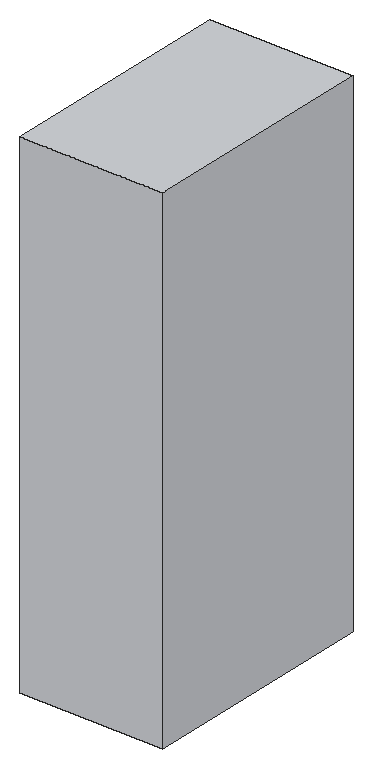
Revit family "SB10_RTU機櫃_600x1000x2100", category 電氣設備, Revit 2025
Family settings
  面板規劃 = 兩欄，回路穿越
  圓形接點標註 = 使用直徑
  組件類型 = 分電盤
  OmniClass 編號 = 23.80.30.11.17
  OmniClass 標題 = Distribution Boards and Control Panels
  以工作平面為基礎 = 否
  總是垂直 = 是
  載入時使用空心切割 = 否
  維持標註方位 = 否
  共用 = 否
  房間計算點 = 否
Parameters (values of type "RTU 與網路機櫃")
  built-in parameter 1155100 [instance] = -1
  Default Elevation = 0 mm
  built-in parameter 1140142 [instance] = -1
  SCADA_高mm [instance] = "2100"
  SCADA_附錄F項次 [instance] = "13"
  SCADA_附錄D項次 [instance] = "4"
  SCADA_編號 [instance] = "SB10-COMS-RTU-01"
  SCADA_站點 [instance] = "SB10"
  SCADA_深mm [instance] = "1000"
  SCADA_機櫃類型 [instance] = "RTU 與網路機櫃"
  SCADA_期別 [instance] = "第一期"
  SCADA_房間 [instance] = "COMS/SCADA 設備室"
  SCADA_建物 [instance] = "車站"
  SCADA_尺寸 [instance] = "600W×1000D×2100H"
  SCADA_寬mm [instance] = "600"
  SCADA_定位來源 [instance] = "獨立設備族群（載入專案後定位）"
  SCADA_備註 [instance] = ""
  SCADA_來源文件 [instance] = "Installation SoW_V6（Rev.006, 2026-07-02）附錄 D / F；依原文顏色標示排除已刪除項目"
  SCADA_UPS電源110V [instance] = "雙 UPS 電源（2×4500VA）"
  built-in parameter 1140140 [instance] = 1 (stored number, unit not read)
Reference planes
  plane 1 "中心 (前/後)": y = 0
  plane 2: z = 0
  plane 3 "中心 (左/右)": x = 0
Forms (mm)
  Extrusion 1, solid
    sketch origin (0, 0, 0) x (1, 0, 0) y (0, 1, 0)
      loop
        line (-300, -500) -> (300, -500) -> (300, 500) -> (-300, 500) -> (-300, -500)
    from 0 to 2100
Lines and regions (mm)
  symbolic lines, style "開門線"
    curve 1: line (300, -500, 0) -> (300, -1100, 0)
    curve 2: arc (-300, -500, 0) -> (-124.264, -924.264, 0) -> (300, -1100, 0) r 600
    curve 3: line (-300, 500, 0) -> (-300, 1100, 0)
    curve 4: arc (300, 500, 0) -> (124.264, 924.264, 0) -> (-300, 1100, 0) r 600
Dimensions and locks
  aligned and locked: level to plane 2
